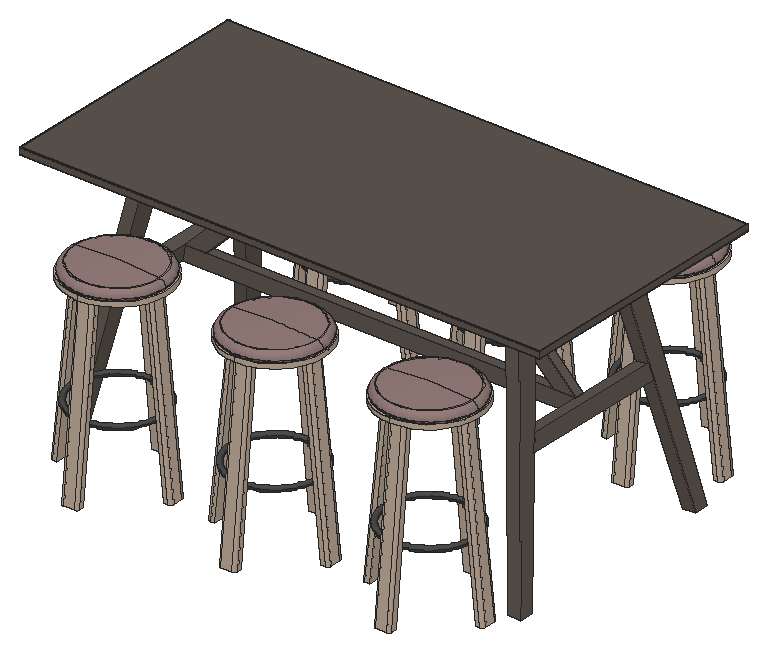
Revit family "T400014", category Furniture, Revit 2015 (continued)
Definition of nested family "OFS ELEMENT OPEN L DESK LEFT AND RIGHT 84in Width 60in Return"
  Forms (in)
    Extrusion 24, solid, material <- "Paper Organizer Material", visible <- "Right Return Desk Option"
      sketch origin (0, -11.40625, 0) x (-1, 0, 0) y (0, -1, 0)
        loop
          line (-40.0625, 35.625) -> (-28.8125, 35.625) -> (-28.8125, 35.875) -> (-40.0625, 35.875) -> (-40.0625, 35.625)
      from 34.875 to 39.75
    Extrusion 25, solid, material <- "Paper Organizer Material", visible <- "Right Return Desk Option"
      sketch origin (0, -22.8125, 0) x (-1, 0, 0) y (0, -1, 0)
        loop
          line (-40.0625, 38.625) -> (-28.8125, 38.625) -> (-28.8125, 38.875) -> (-40.0625, 38.875) -> (-40.0625, 38.625)
      from 34.875 to 39.75
    Extrusion 26, solid, material <- "Worksurface Material", visible <- "Right Return Desk Option"
      sketch origin (0, 0, 0) x (-1, 0, 0) y (0, -1, 0)
        loop
          line (-36, -11.65625) -> (40.8125, -11.65625) -> (40.8125, 17.15625) -> (-42, 17.15625) -> (-42, -5.65625)
          arc (-42, -5.65625) -> (-40.24264, -9.89889) -> (-36, -11.65625) r 6
      from 28.5 to 29.5
    Extrusion 27, solid, material <- "Chassis Material", visible <- "Right Return Desk Option"
      sketch origin (0, 0, 0) x (-1, 0, 0) y (0, -1, 0)
        loop
          line (42, -12.84375) -> (42, 17.15625) -> (40.8125, 17.15625) -> (40.8125, -11.65625) -> (0, -11.65625) -> (0, -12.84375) -> (42, -12.84375)
      from 0 to 40.5
    Extrusion 28, solid, material <- "Transaction Shelf Material", visible <- "Right Return Desk Option"
      sketch origin (0, 0, 6) x (-1, 0, 0) y (0, -1, 0)
        loop
          line (0, -17.15625) -> (42, -17.15625) -> (42, -3.65625) -> (0, -3.65625) -> (0, -17.15625)
      from 37.875 to 39
    Extrusion 29, solid, material <- "Standoffs Material", visible <- "Right Return Desk Option"
      sketch origin (-44.5, 0, 0) x (-1, 0, 0) y (0, -1, 0)
        loop
          circle (-41.875, -10.04085) r 0.625
      from 40.5 to 43.875
    Extrusion 30, solid, material <- "Standoffs Material", visible <- "Right Return Desk Option"
      sketch origin (-44.5, -4.75, 0) x (-1, 0, 0) y (0, -1, 0)
        loop
          circle (-41.875, -10.04085) r 0.625
      from 40.5 to 43.875
    Extrusion 31, solid, material <- "Standoffs Material", visible <- "Right Return Desk Option"
      sketch origin (-66.75, 0, 0) x (-1, 0, 0) y (0, -1, 0)
        loop
          circle (-27.375, -10.04085) r 0.625
      from 40.5 to 43.875
    Extrusion 32, solid, material <- "Standoffs Material", visible <- "Right Return Desk Option"
      sketch origin (-66.75, -4.75, 0) x (-1, 0, 0) y (0, -1, 0)
        loop
          circle (-27.375, -10.04085) r 0.625
      from 40.5 to 43.875
    Extrusion 33, solid, material <- "Chassis Material", visible <- "Right Return Desk Option"
      sketch origin (18.5848, -3.95032, 0) x (-1, 0, 0) y (0, -1, 0)
        loop
          line (19.7723, -15.60657) -> (19.7723, -3.95032) -> (18.5848, -3.95032) -> (18.5848, -15.60657) -> (19.7723, -15.60657)
      from 0 to 28.5
    Extrusion 34, solid, material <- "Chassis Material", visible <- "Right Return Desk Option"
      sketch origin (0, 0, 6) x (-1, 0, 0) y (0, -1, 0)
        loop
          line (0, -11.65625) -> (40.8125, -11.65625) -> (40.8125, -3.65625) -> (0, -3.65625) -> (0, -11.65625)
      from 33.375 to 34.5
    Extrusion 35, solid, material <- "Desk Overlay Material", visible <- "Right Desk Ovelay"
      sketch origin (0, 0, 0) x (-1, 0, 0) y (0, 0, -1)
        loop
          line (35.5, -34) -> (35.5, -6.5) -> (6.5, -6.5) -> (6.5, -34) -> (35.5, -34)
      from -12.96875 to -12.84375
    Extrusion 36, solid, material <- "Worksurface Material", visible <- "Left Return Desk Option"
      sketch origin (0, 0, 0) x (1, 0, 0) y (0, 1, 0)
        loop
          arc (-36, 11.65625) -> (-40.24264, 9.89889) -> (-42, 5.65625) r 6
          line (-42, 5.65625) -> (-42, -17.15625) -> (40.8125, -17.15625) -> (40.8125, 11.65625) -> (-36, 11.65625)
      from 28.5 to 29.5
  Cuts and joins
    joined: Extrusion 12, Extrusion 13, Extrusion 14
    joined: Extrusion 20, Extrusion 21, Extrusion 22
  Dimensions and locks (in)
    equal spacing: plane 7 "Left External", plane 3 "Center Left/Right", plane 5 "Right External"
    "Width": plane 7 "Left External" to plane 5 "Right External"
    equal spacing: plane 6 "Front External", plane 1 "Center Front/Back", plane 4 "Back External"
    "Desk Depth": plane 4 "Back External" to plane 6 "Front External"
    plane 8 "Seat Height" to level = 29 1/2"
    "Height": plane 9 "Height" to level
    "Lateral Board Thickness": plane 7 "Left External" to plane 11
    "Lateral Board Thickness": plane 10 to plane 5 "Right External"
    "Base Depth": plane 12 to plane 6 "Front External"
    "Back Board Thickness": plane 12 to plane 13
    "Table Depth": plane 4 "Back External" to plane 14
    plane 15 to level = 40 1/2"
    "Bottom Board Offset": plane 19 to level
    "Table Supp from Lateral": plane 5 "Right External" to plane 20
    "Table Supp from Lateral": plane 21 to plane 3 "Center Left/Right"
    "Desk Overlay": plane 5 "Right External" to plane 22
    "Desk Overlay": plane 24 to plane 15
    "Desk Overlay": plane 19 to plane 23
    "Desk Overlay Thickness": plane 25 to plane 12
    "Depth": plane 4 "Back External" to plane 26
    "Return Worksurface Width": plane 7 "Left External" to plane 27
    "Return Worksurface Width": plane 28 to plane 5 "Right External"
    "Back Board Thickness": plane 29 to plane 26
    plane 7 "Left External" to plane 30 = 5"
    plane 31 to plane 5 "Right External" = 5"
    equal spacing: plane 34, plane 43, plane 32, plane 42, plane 29
    "Desk Overlay": plane 33 to plane 3 "Center Left/Right"
    "Back Board Thickness": plane 6 "Front External" to plane 34
    "Paper Organizer Board Thickness": plane 34 to plane 37
    "Paper Organizer Board Thickness": plane 11 to plane 36
    "Paper Organizer Board Thickness": plane 35 to plane 29
    "Paper Organizer Depth": plane 11 to plane 38
    "Paper Organizer Clearance": plane 39 to plane 8 "Seat Height"
    "Paper Organizer Board Thickness": plane 15 to plane 40
    "Paper Organizer Board Thickness": plane 41 to plane 39
    "Paper Organizer Board Thickness": plane 44 to plane 38
    "Return Worksurface Width": plane 5 "Right External" to plane 45
    plane 29 to plane 26 = 1 3/16"
    plane 5 "Right External" to plane 46 = 5"
    plane 34 to plane 50 to plane 32 to plane 49 to plane 29 = 14 13/32", 14 13/32", 14 13/32", 14 13/32"
    "Paper Organizer Board Thickness": plane 34 to plane 47
    plane 35 to plane 29 = 3/4"
    "Paper Organizer Depth": plane 10 to plane 48
    "Paper Organizer Board Thickness": plane 51 to plane 48
    "Table Supp from Lateral": plane 53 to plane 3 "Center Left/Right"
    "Table Supp from Lateral": plane 7 "Left External" to plane 52
    locked: plane 7 "Left External" to plane 54 at 6.5
    aligned and locked: level to plane 2
    aligned and locked: Extrusion 1 sketch curve to plane 12
    aligned and locked: plane 5 "Right External" to Extrusion 1 sketch curve
    aligned and locked: Extrusion 1 sketch curve to plane 13
    aligned and locked: Extrusion 1 to plane 19
    aligned and locked: Extrusion 2 to plane 18
    aligned and locked: plane 10 to Extrusion 2
    aligned and locked: Extrusion 2 to plane 13
    aligned and locked: Extrusion 2 to plane 14
    aligned and locked: Extrusion 3 to plane 14
    aligned and locked: Extrusion 3 to plane 4 "Back External"
    aligned and locked: Extrusion 3 to plane 9 "Height"
    aligned and locked: Extrusion 3 to plane 17
    aligned and locked: plane 5 "Right External" to Extrusion 3
    aligned and locked: Extrusion 8 sketch curve to plane 29
    aligned and locked: plane 27 to Extrusion 8 sketch curve
    aligned and locked: plane 26 to Extrusion 8 sketch curve
    aligned and locked: Extrusion 8 sketch curve to plane 6 "Front External"
    aligned and locked: plane 11 to Extrusion 9
    aligned and locked: Extrusion 9 to plane 27
    aligned and locked: Extrusion 9 to plane 29
    aligned and locked: Extrusion 8 to plane 19
    aligned and locked: plane 15 to Extrusion 8
    aligned and locked: Extrusion 3 to plane 3 "Center Left/Right"
    aligned and locked: Extrusion 2 to plane 3 "Center Left/Right"
    aligned and locked: Extrusion 10 to plane 33
    aligned and locked: Extrusion 10 to plane 22
    aligned and locked: Extrusion 8 sketch curve to plane 34
    aligned and locked: Extrusion 9 to Extrusion 8 sketch curve
    aligned and locked: Extrusion 9 to Extrusion 8
    aligned and locked: plane 37 to Extrusion 12 sketch curve
    aligned and locked: plane 36 to Extrusion 12 sketch curve
    aligned and locked: Extrusion 12 sketch curve to plane 35
    aligned and locked: Extrusion 12 sketch curve to Extrusion 8  (x3)
    aligned and locked: plane 38 to Extrusion 12 sketch curve  (x2)
    aligned and locked: plane 15 to Extrusion 12
    aligned and locked: Extrusion 12 to plane 39
    aligned and locked: Extrusion 13 sketch curve to Extrusion 8  (x2)
    aligned and locked: Extrusion 13 sketch curve to Extrusion 12  (x2)
    aligned and locked: Extrusion 13 to plane 40
    aligned and locked: plane 15 to Extrusion 13
    aligned and locked: Extrusion 14 sketch curve to Extrusion 8  (x2)
    aligned and locked: plane 29 to Extrusion 14 sketch curve
    aligned and locked: Extrusion 14 sketch curve to plane 38
    aligned and locked: Extrusion 14 to plane 39
    aligned and locked: plane 41 to Extrusion 14
    aligned and locked: Extrusion 15 to plane 41
    aligned and locked: Extrusion 16 to plane 41
    aligned and locked: Extrusion 17 to plane 41
    aligned and locked: plane 40 to Extrusion 15
    aligned and locked: plane 40 to Extrusion 16
    aligned and locked: plane 40 to Extrusion 17
    aligned and locked: plane 29 to Extrusion 18 sketch curve
    aligned and locked: plane 45 to Extrusion 18 sketch curve
    aligned and locked: Extrusion 18 sketch curve to plane 26
    aligned and locked: plane 45 to Extrusion 19
    aligned and locked: plane 29 to Extrusion 19
    aligned and locked: Extrusion 18 sketch curve to plane 34
    aligned and locked: Extrusion 19 to Extrusion 18 sketch curve
    aligned and locked: Extrusion 18 to Extrusion 19
    aligned and locked: Extrusion 20 sketch curve to plane 47
    aligned and locked: plane 35 to Extrusion 20 sketch curve
    aligned and locked: Extrusion 18 to Extrusion 20 sketch curve
    aligned and locked: Extrusion 20 sketch curve to Extrusion 18  (x2)
    aligned and locked: Extrusion 20 sketch curve to plane 48
    aligned and locked: plane 48 to Extrusion 20 sketch curve
    aligned and locked: Extrusion 21 sketch curve to Extrusion 18  (x2)
    aligned and locked: Extrusion 21 sketch curve to Extrusion 20  (x2)
    aligned and locked: Extrusion 22 sketch curve to Extrusion 18  (x2)
    aligned and locked: Extrusion 22 sketch curve to plane 29
    aligned and locked: plane 48 to Extrusion 22 sketch curve
    aligned and locked: Extrusion 26 to Extrusion 27 sketch curve
    aligned and locked: Extrusion 27 sketch curve to Extrusion 26
    aligned and locked: Extrusion 26 to Extrusion 33
    aligned and locked: plane 55 to Extrusion 35
    aligned and locked: plane 54 to Extrusion 35
  Automatic sketch dimensions
    Extrusion 1 sketch curve to plane 3 "Center Left/Right" = 0"
    plane 6 "Front External" to Extrusion 1 sketch curve = 0"
    Extrusion 1 sketch curve to plane 10 = 0"
    Extrusion 2 sketch curve to plane 3 "Center Left/Right" = 0"
    Extrusion 2 sketch curve to plane 10 = 0"
    Extrusion 2 sketch curve to plane 14 = 0"
    Extrusion 2 sketch curve to plane 13 = 0"
    Extrusion 3 sketch curve to plane 3 "Center Left/Right" = 0"
    Extrusion 3 sketch curve to plane 5 "Right External" = 0"
    Extrusion 3 sketch curve to plane 14 = 0"
    Extrusion 3 sketch curve to plane 4 "Back External" = 0"
    Extrusion 4 sketch curve to plane 21 = 0"
    Extrusion 4 sketch curve to plane 13 = 1.6154"
    Extrusion 5 sketch curve to plane 21 = 0"
    plane 14 to Extrusion 5 sketch curve = 1.6346"
    Extrusion 6 sketch curve to plane 20 = 0"
    Extrusion 6 sketch curve to plane 13 = 1.6154"
    Extrusion 7 sketch curve to plane 20 = 0"
    plane 14 to Extrusion 7 sketch curve = 1.6346"
    Extrusion 8 sketch curve to plane 7 "Left External" = 0"
    Extrusion 8 sketch curve to plane 11 = 0"
    Extrusion 9 sketch curve to plane 11 = 0"
    Extrusion 9 sketch curve to plane 27 = 0"
    Extrusion 9 sketch curve to plane 29 = 0"
    Extrusion 9 sketch curve to plane 34 = 0"
    Extrusion 10 sketch curve to plane 24 = 0"
    Extrusion 10 sketch curve to plane 33 = 0"
    plane 22 to Extrusion 10 sketch curve = 0"
    Extrusion 10 sketch curve to plane 23 = 0"
    Extrusion 11 sketch curve to plane 3 "Center Left/Right" = 0"
    plane 1 "Center Front/Back" to Extrusion 11 sketch curve = 0"
    Extrusion 11 sketch curve to plane 13 = 0"
    Extrusion 11 sketch curve to Extrusion 11 sketch curve = 1 3/16"
    Extrusion 12 sketch curve to plane 37 = 0"
    Extrusion 15 sketch curve to plane 36 = 0"
    Extrusion 15 sketch curve to plane 44 = 0"
    Extrusion 15 sketch curve to plane 43 = 1/8"
    plane 43 to Extrusion 15 sketch curve = 1/8"
    Extrusion 16 sketch curve to plane 36 = 0"
    Extrusion 16 sketch curve to plane 44 = 0"
    Extrusion 16 sketch curve to plane 32 = 1/8"
    plane 32 to Extrusion 16 sketch curve = 1/8"
    Extrusion 17 sketch curve to plane 36 = 0"
    Extrusion 17 sketch curve to plane 44 = 0"
    Extrusion 17 sketch curve to plane 42 = 1/8"
    plane 42 to Extrusion 17 sketch curve = 1/8"
    Extrusion 18 sketch curve to plane 5 "Right External" = 0"
    Extrusion 18 sketch curve to plane 10 = 0"
    Extrusion 18 sketch curve to plane 6 "Front External" = 0"
    Extrusion 19 sketch curve to plane 10 = 0"
    Extrusion 19 sketch curve to plane 28 = 0"
    Extrusion 19 sketch curve to plane 29 = 0"
    plane 34 to Extrusion 19 sketch curve = 0"
    plane 37 to Extrusion 20 sketch curve = 0"
    plane 20 to Extrusion 20 sketch curve = 11/16"
    Extrusion 23 sketch curve to plane 51 = 0"
    plane 43 to Extrusion 23 sketch curve = 1/8"
    Extrusion 23 sketch curve to plane 43 = 1/8"
    plane 20 to Extrusion 23 sketch curve = 11/16"
    Extrusion 24 sketch curve to plane 51 = 0"
    plane 32 to Extrusion 24 sketch curve = 1/8"
    Extrusion 24 sketch curve to plane 32 = 1/8"
    plane 20 to Extrusion 24 sketch curve = 11/16"
    Extrusion 25 sketch curve to plane 51 = 0"
    plane 42 to Extrusion 25 sketch curve = 1/8"
    Extrusion 25 sketch curve to plane 42 = 1/8"
    plane 20 to Extrusion 25 sketch curve = 11/16"
    Extrusion 26 sketch curve to plane 5 "Right External" = 0"
    Extrusion 26 sketch curve to plane 13 = 0"
    Extrusion 26 sketch curve to plane 11 = 0"
    Extrusion 26 sketch curve to plane 6 "Front External" = 0"
    plane 22 to Extrusion 26 sketch curve = 1/2"
    Extrusion 27 sketch curve to plane 3 "Center Left/Right" = 0"
    Extrusion 27 sketch curve to plane 7 "Left External" = 0"
    Extrusion 27 sketch curve to plane 13 = 0"
    Extrusion 27 sketch curve to plane 12 = 0"
    Extrusion 28 sketch curve to plane 3 "Center Left/Right" = 0"
    Extrusion 28 sketch curve to plane 7 "Left External" = 0"
    Extrusion 28 sketch curve to plane 4 "Back External" = 0"
    Extrusion 28 sketch curve to plane 14 = 0"
    Extrusion 29 sketch curve to plane 53 = 0"
    plane 13 to Extrusion 29 sketch curve = 1.6154"
    Extrusion 30 sketch curve to plane 53 = 0"
    Extrusion 30 sketch curve to plane 14 = 1.6346"
    Extrusion 31 sketch curve to plane 52 = 0"
    plane 13 to Extrusion 31 sketch curve = 1.6154"
    Extrusion 32 sketch curve to plane 52 = 0"
    Extrusion 32 sketch curve to plane 14 = 1.6346"
    Extrusion 33 sketch curve to plane 3 "Center Left/Right" = 0"
    plane 1 "Center Front/Back" to Extrusion 33 sketch curve = 0"
    Extrusion 33 sketch curve to plane 13 = 0"
    Extrusion 33 sketch curve to Extrusion 33 sketch curve = 1 3/16"
    Extrusion 34 sketch curve to plane 3 "Center Left/Right" = 0"
    Extrusion 34 sketch curve to plane 11 = 0"
    Extrusion 34 sketch curve to plane 13 = 0"
    Extrusion 34 sketch curve to plane 14 = 0"
    Extrusion 35 sketch curve to plane 24 = 0"
    plane 55 to Extrusion 35 sketch curve = 0"
    Extrusion 35 sketch curve to plane 23 = 0"
    plane 54 to Extrusion 35 sketch curve = 0"
    Extrusion 36 sketch curve to plane 7 "Left External" = 0"
    Extrusion 36 sketch curve to plane 13 = 0"
    Extrusion 36 sketch curve to plane 10 = 0"
    plane 6 "Front External" to Extrusion 36 sketch curve = 0"
    Extrusion 36 sketch curve to plane 54 = 1/2"
    radius of Extrusion 4 sketch curve = 5/8"
    radius of Extrusion 5 sketch curve = 5/8"
    radius of Extrusion 6 sketch curve = 5/8"
    radius of Extrusion 7 sketch curve = 5/8"
    radius of Extrusion 29 sketch curve = 5/8"
    radius of Extrusion 30 sketch curve = 5/8"
    radius of Extrusion 31 sketch curve = 5/8"
    radius of Extrusion 32 sketch curve = 5/8"
Types (3): name | Description
  (no name) | "OFS TYPICAL T400014"
  T200 | "OFS TYPICAL T200"
  T400014 | "OFS TYPICAL T400014"
